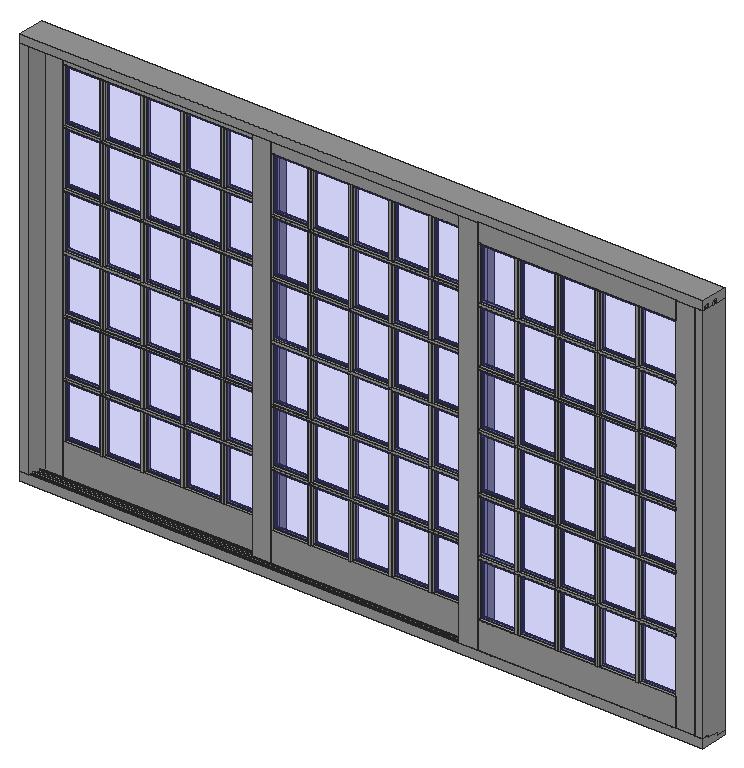
Revit family "VSD3.6SPTS LH", category Doors, host Wall, Revit 2015 (continued)
Automatic sketch dimensions
  Extrusion 89 sketch curve to Extrusion 89 sketch curve = 6.759 mm  (x6)
  Extrusion 89 sketch curve to Extrusion 89 sketch curve = 13 mm  (x5)
  level to Extrusion 89 sketch curve = 199 mm
  level to Extrusion 89 sketch curve = 45 mm
  plane 2 "Center (Left/Right)" to Sweep 90 sketch curve = 805.527 mm
  Sweep 90 sketch curve to Sweep 90 sketch curve = 197.86 mm
  Sweep 90 sketch curve to Sweep 90 sketch curve = 284 mm
  Sweep 90 sketch curve to profile plane = 0 mm
  Sweep 90 sketch curve to profile plane = 0.241 mm
  Sweep 90 sketch curve to Sweep 90 sketch curve = 6.759 mm
  Sweep 90 sketch curve to Sweep 90 sketch curve = 2 mm  (x2)
  Sweep 90 sketch curve to profile plane = 132.5 mm
  Sweep 90 sketch curve to Sweep 90 sketch curve = 6 mm
  plane 4 "Right" to Extrusion 91 sketch curve = 141 mm
  Extrusion 91 sketch curve to Extrusion 91 sketch curve = 0 mm  (x48)
  Extrusion 91 sketch curve to Extrusion 91 sketch curve = 197.893 mm  (x3)
  Extrusion 91 sketch curve to Extrusion 91 sketch curve = 13 mm  (x33)
  Extrusion 91 sketch curve to Extrusion 91 sketch curve = 197.85 mm  (x4)
  Extrusion 91 sketch curve to Extrusion 91 sketch curve = 13.01 mm  (x3)
  Extrusion 91 sketch curve to Extrusion 91 sketch curve = 197.86 mm  (x12)
  plane 5 to Extrusion 91 sketch curve = 141 mm  (x3)
  Extrusion 91 sketch curve to Extrusion 91 sketch curve = 0.012 mm  (x6)
  Extrusion 91 sketch curve to Extrusion 91 sketch curve = 284 mm  (x5)
  level to Extrusion 91 sketch curve = 190 mm  (x2)
  Extrusion 92 sketch curve to host wall = 15 mm  (x2)
  plane 4 "Right" to Extrusion 92 sketch curve = 329.893 mm
  Extrusion 92 sketch curve to Extrusion 92 sketch curve = 2 mm  (x20)
  Extrusion 92 sketch curve to Extrusion 92 sketch curve = 6.759 mm  (x8)
  Extrusion 92 sketch curve to Extrusion 92 sketch curve = 0.241 mm  (x12)
  Extrusion 92 sketch curve to Extrusion 92 sketch curve = 13 mm  (x6)
  Extrusion 92 sketch curve to Extrusion 92 sketch curve = 0 mm  (x6)
  Extrusion 92 sketch curve to host wall = 13 mm  (x2)
  Extrusion 92 sketch curve to Extrusion 92 sketch curve = 179.86 mm  (x3)
  host wall to Extrusion 92 sketch curve = 30 mm
  Extrusion 92 sketch curve to Extrusion 92 sketch curve = 30 mm  (x3)
  Extrusion 92 sketch curve to Extrusion 92 sketch curve = 1.197 mm  (x8)
  plane 4 "Right" to Sweep 93 sketch curve = 773.613 mm
  Sweep 93 sketch curve to Sweep 93 sketch curve = 197.86 mm
  plane 5 to Sweep 93 sketch curve = 141 mm
  Sweep 93 sketch curve to Sweep 93 sketch curve = 284 mm
  Sweep 93 sketch curve to profile plane = 0 mm
  Sweep 93 sketch curve to profile plane = 0.241 mm
  Sweep 93 sketch curve to Sweep 93 sketch curve = 6.759 mm
  Sweep 93 sketch curve to Sweep 93 sketch curve = 2 mm  (x2)
  Sweep 93 sketch curve to profile plane = 132.5 mm
  Sweep 93 sketch curve to Sweep 93 sketch curve = 6 mm
  plane 4 "Right" to Sweep 94 sketch curve = 562.753 mm
  Sweep 94 sketch curve to Sweep 94 sketch curve = 197.86 mm
  plane 5 to Sweep 94 sketch curve = 141 mm
  Sweep 94 sketch curve to Sweep 94 sketch curve = 284 mm
  Sweep 94 sketch curve to profile plane = 0 mm
  Sweep 94 sketch curve to profile plane = 0.241 mm
  Sweep 94 sketch curve to Sweep 94 sketch curve = 6.759 mm
  Sweep 94 sketch curve to Sweep 94 sketch curve = 2 mm  (x2)
  Sweep 94 sketch curve to profile plane = 132.5 mm
  Sweep 94 sketch curve to Sweep 94 sketch curve = 6 mm
  plane 4 "Right" to Sweep 95 sketch curve = 351.893 mm
  Sweep 95 sketch curve to Sweep 95 sketch curve = 197.86 mm
  plane 5 to Sweep 95 sketch curve = 141 mm
  Sweep 95 sketch curve to Sweep 95 sketch curve = 284 mm
  Sweep 95 sketch curve to profile plane = 0 mm
  Sweep 95 sketch curve to profile plane = 0.241 mm
  Sweep 95 sketch curve to Sweep 95 sketch curve = 6.759 mm
  Sweep 95 sketch curve to Sweep 95 sketch curve = 2 mm  (x2)
  Sweep 95 sketch curve to profile plane = 132.5 mm
  Sweep 95 sketch curve to Sweep 95 sketch curve = 6 mm
  plane 4 "Right" to Sweep 96 sketch curve = 141.033 mm
  Sweep 96 sketch curve to Sweep 96 sketch curve = 197.86 mm
  plane 5 to Sweep 96 sketch curve = 141 mm
  Sweep 96 sketch curve to Sweep 96 sketch curve = 284 mm
  Sweep 96 sketch curve to profile plane = 0 mm
  Sweep 96 sketch curve to profile plane = 0.241 mm
  Sweep 96 sketch curve to Sweep 96 sketch curve = 6.759 mm
  Sweep 96 sketch curve to Sweep 96 sketch curve = 2 mm  (x2)
  Sweep 96 sketch curve to profile plane = 132.5 mm
  Sweep 96 sketch curve to Sweep 96 sketch curve = 6 mm
  plane 2 "Center (Left/Right)" to Sweep 97 sketch curve = 805.527 mm
  Sweep 97 sketch curve to Sweep 97 sketch curve = 197.86 mm
  plane 5 to Sweep 97 sketch curve = 438 mm
  Sweep 97 sketch curve to Sweep 97 sketch curve = 284 mm
  Sweep 97 sketch curve to profile plane = 0 mm
  Sweep 97 sketch curve to profile plane = 0.241 mm
  Sweep 97 sketch curve to Sweep 97 sketch curve = 6.759 mm
  Sweep 97 sketch curve to Sweep 97 sketch curve = 2 mm  (x2)
  Sweep 97 sketch curve to profile plane = 132.5 mm
  Sweep 97 sketch curve to Sweep 97 sketch curve = 6 mm
  Extrusion 98 sketch curve to host wall = 15 mm  (x2)
  plane 4 "Right" to Extrusion 98 sketch curve = 329.893 mm
  Extrusion 98 sketch curve to Extrusion 98 sketch curve = 2 mm  (x20)
  Extrusion 98 sketch curve to Extrusion 98 sketch curve = 6.759 mm  (x8)
  Extrusion 98 sketch curve to Extrusion 98 sketch curve = 0.241 mm  (x12)
  Extrusion 98 sketch curve to Extrusion 98 sketch curve = 13 mm  (x6)
  Extrusion 98 sketch curve to Extrusion 98 sketch curve = 0 mm  (x6)
  Extrusion 98 sketch curve to host wall = 13 mm  (x2)
  Extrusion 98 sketch curve to Extrusion 98 sketch curve = 179.86 mm  (x3)
  host wall to Extrusion 98 sketch curve = 30 mm
  Extrusion 98 sketch curve to Extrusion 98 sketch curve = 30 mm  (x3)
  Extrusion 98 sketch curve to Extrusion 98 sketch curve = 1.197 mm  (x8)
  plane 4 "Right" to Sweep 99 sketch curve = 773.613 mm
  Sweep 99 sketch curve to Sweep 99 sketch curve = 197.86 mm
  plane 5 to Sweep 99 sketch curve = 438 mm
  Sweep 99 sketch curve to Sweep 99 sketch curve = 284 mm
  Sweep 99 sketch curve to profile plane = 0 mm
  Sweep 99 sketch curve to profile plane = 0.241 mm
  Sweep 99 sketch curve to Sweep 99 sketch curve = 6.759 mm
  Sweep 99 sketch curve to Sweep 99 sketch curve = 2 mm  (x2)
  Sweep 99 sketch curve to profile plane = 132.5 mm
  Sweep 99 sketch curve to Sweep 99 sketch curve = 6 mm
  plane 4 "Right" to Sweep 100 sketch curve = 562.753 mm
  Sweep 100 sketch curve to Sweep 100 sketch curve = 197.86 mm
  plane 5 to Sweep 100 sketch curve = 438 mm
  Sweep 100 sketch curve to Sweep 100 sketch curve = 284 mm
  Sweep 100 sketch curve to profile plane = 0 mm
  Sweep 100 sketch curve to profile plane = 0.241 mm
  Sweep 100 sketch curve to Sweep 100 sketch curve = 6.759 mm
  Sweep 100 sketch curve to Sweep 100 sketch curve = 2 mm  (x2)
  Sweep 100 sketch curve to profile plane = 132.5 mm
  Sweep 100 sketch curve to Sweep 100 sketch curve = 6 mm
  plane 4 "Right" to Sweep 101 sketch curve = 351.893 mm
  Sweep 101 sketch curve to Sweep 101 sketch curve = 197.86 mm
  plane 5 to Sweep 101 sketch curve = 438 mm
  Sweep 101 sketch curve to Sweep 101 sketch curve = 284 mm
  Sweep 101 sketch curve to profile plane = 0 mm
  Sweep 101 sketch curve to profile plane = 0.241 mm
  Sweep 101 sketch curve to Sweep 101 sketch curve = 6.759 mm
  Sweep 101 sketch curve to Sweep 101 sketch curve = 2 mm  (x2)
  Sweep 101 sketch curve to profile plane = 132.5 mm
  Sweep 101 sketch curve to Sweep 101 sketch curve = 6 mm
  plane 4 "Right" to Sweep 102 sketch curve = 141.033 mm
  Sweep 102 sketch curve to Sweep 102 sketch curve = 197.86 mm
  plane 5 to Sweep 102 sketch curve = 438 mm
  Sweep 102 sketch curve to Sweep 102 sketch curve = 284 mm
  Sweep 102 sketch curve to profile plane = 0 mm
  Sweep 102 sketch curve to profile plane = 0.241 mm
  Sweep 102 sketch curve to Sweep 102 sketch curve = 6.759 mm
  Sweep 102 sketch curve to Sweep 102 sketch curve = 2 mm  (x2)
  Sweep 102 sketch curve to profile plane = 132.5 mm
  Sweep 102 sketch curve to Sweep 102 sketch curve = 6 mm
  plane 2 "Center (Left/Right)" to Sweep 103 sketch curve = 805.527 mm
  Sweep 103 sketch curve to Sweep 103 sketch curve = 197.86 mm
  plane 5 to Sweep 103 sketch curve = 735 mm
  Sweep 103 sketch curve to Sweep 103 sketch curve = 284 mm
  Sweep 103 sketch curve to profile plane = 0 mm
  Sweep 103 sketch curve to profile plane = 0.241 mm
  Sweep 103 sketch curve to Sweep 103 sketch curve = 6.759 mm
  Sweep 103 sketch curve to Sweep 103 sketch curve = 2 mm  (x2)
  Sweep 103 sketch curve to profile plane = 132.5 mm
  Sweep 103 sketch curve to Sweep 103 sketch curve = 6 mm
  Extrusion 104 sketch curve to host wall = 15 mm  (x2)
  plane 4 "Right" to Extrusion 104 sketch curve = 329.893 mm
  Extrusion 104 sketch curve to Extrusion 104 sketch curve = 2 mm  (x20)
  Extrusion 104 sketch curve to Extrusion 104 sketch curve = 6.759 mm  (x8)
  Extrusion 104 sketch curve to Extrusion 104 sketch curve = 0.241 mm  (x12)
  Extrusion 104 sketch curve to Extrusion 104 sketch curve = 13 mm  (x6)
  Extrusion 104 sketch curve to Extrusion 104 sketch curve = 0 mm  (x6)
  Extrusion 104 sketch curve to host wall = 13 mm  (x2)
  Extrusion 104 sketch curve to Extrusion 104 sketch curve = 179.86 mm  (x3)
  host wall to Extrusion 104 sketch curve = 30 mm
  Extrusion 104 sketch curve to Extrusion 104 sketch curve = 30 mm  (x3)
  Extrusion 104 sketch curve to Extrusion 104 sketch curve = 1.197 mm  (x8)
  plane 4 "Right" to Sweep 105 sketch curve = 773.613 mm
  Sweep 105 sketch curve to Sweep 105 sketch curve = 197.86 mm
  plane 5 to Sweep 105 sketch curve = 735 mm
  Sweep 105 sketch curve to Sweep 105 sketch curve = 284 mm
  Sweep 105 sketch curve to profile plane = 0 mm
  Sweep 105 sketch curve to profile plane = 0.241 mm
  Sweep 105 sketch curve to Sweep 105 sketch curve = 6.759 mm
  Sweep 105 sketch curve to Sweep 105 sketch curve = 2 mm  (x2)
  Sweep 105 sketch curve to profile plane = 132.5 mm
  Sweep 105 sketch curve to Sweep 105 sketch curve = 6 mm
  plane 4 "Right" to Sweep 106 sketch curve = 562.753 mm
  Sweep 106 sketch curve to Sweep 106 sketch curve = 197.86 mm
  plane 5 to Sweep 106 sketch curve = 735 mm
  Sweep 106 sketch curve to Sweep 106 sketch curve = 284 mm
  Sweep 106 sketch curve to profile plane = 0 mm
  Sweep 106 sketch curve to profile plane = 0.241 mm
  Sweep 106 sketch curve to Sweep 106 sketch curve = 6.759 mm
  Sweep 106 sketch curve to Sweep 106 sketch curve = 2 mm  (x2)
  Sweep 106 sketch curve to profile plane = 132.5 mm
  Sweep 106 sketch curve to Sweep 106 sketch curve = 6 mm
  plane 4 "Right" to Sweep 107 sketch curve = 351.893 mm
  Sweep 107 sketch curve to Sweep 107 sketch curve = 197.86 mm
  plane 5 to Sweep 107 sketch curve = 735 mm
  Sweep 107 sketch curve to Sweep 107 sketch curve = 284 mm
  Sweep 107 sketch curve to profile plane = 0 mm
  Sweep 107 sketch curve to profile plane = 0.241 mm
  Sweep 107 sketch curve to Sweep 107 sketch curve = 6.759 mm
  Sweep 107 sketch curve to Sweep 107 sketch curve = 2 mm  (x2)
  Sweep 107 sketch curve to profile plane = 132.5 mm
  Sweep 107 sketch curve to Sweep 107 sketch curve = 6 mm
  plane 4 "Right" to Sweep 108 sketch curve = 141.033 mm
  Sweep 108 sketch curve to Sweep 108 sketch curve = 197.86 mm
  plane 5 to Sweep 108 sketch curve = 735 mm
  Sweep 108 sketch curve to Sweep 108 sketch curve = 284 mm
  Sweep 108 sketch curve to profile plane = 0 mm
  Sweep 108 sketch curve to profile plane = 0.241 mm
  Sweep 108 sketch curve to Sweep 108 sketch curve = 6.759 mm
  Sweep 108 sketch curve to Sweep 108 sketch curve = 2 mm  (x2)
  Sweep 108 sketch curve to profile plane = 132.5 mm
  Sweep 108 sketch curve to Sweep 108 sketch curve = 6 mm
  plane 2 "Center (Left/Right)" to Sweep 109 sketch curve = 805.527 mm
  Sweep 109 sketch curve to Sweep 109 sketch curve = 197.86 mm
  plane 5 to Sweep 109 sketch curve = 1032 mm
  Sweep 109 sketch curve to Sweep 109 sketch curve = 284 mm
  Sweep 109 sketch curve to profile plane = 0 mm
  Sweep 109 sketch curve to profile plane = 0.241 mm
  Sweep 109 sketch curve to Sweep 109 sketch curve = 6.759 mm
  Sweep 109 sketch curve to Sweep 109 sketch curve = 2 mm  (x2)
  Sweep 109 sketch curve to profile plane = 132.5 mm
  Sweep 109 sketch curve to Sweep 109 sketch curve = 6 mm
  Extrusion 110 sketch curve to host wall = 15 mm  (x2)
  plane 4 "Right" to Extrusion 110 sketch curve = 329.893 mm
  Extrusion 110 sketch curve to Extrusion 110 sketch curve = 2 mm  (x20)
  Extrusion 110 sketch curve to Extrusion 110 sketch curve = 6.759 mm  (x8)
  Extrusion 110 sketch curve to Extrusion 110 sketch curve = 0.241 mm  (x12)
  Extrusion 110 sketch curve to Extrusion 110 sketch curve = 13 mm  (x6)
  Extrusion 110 sketch curve to Extrusion 110 sketch curve = 0 mm  (x6)
  Extrusion 110 sketch curve to host wall = 13 mm  (x2)
  Extrusion 110 sketch curve to Extrusion 110 sketch curve = 179.86 mm  (x3)
  host wall to Extrusion 110 sketch curve = 30 mm
  Extrusion 110 sketch curve to Extrusion 110 sketch curve = 30 mm  (x3)
  Extrusion 110 sketch curve to Extrusion 110 sketch curve = 1.197 mm  (x8)
  plane 4 "Right" to Sweep 111 sketch curve = 773.613 mm
  Sweep 111 sketch curve to Sweep 111 sketch curve = 197.86 mm
  plane 5 to Sweep 111 sketch curve = 1032 mm
  Sweep 111 sketch curve to Sweep 111 sketch curve = 284 mm
  Sweep 111 sketch curve to profile plane = 0 mm
  Sweep 111 sketch curve to profile plane = 0.241 mm
  Sweep 111 sketch curve to Sweep 111 sketch curve = 6.759 mm
  Sweep 111 sketch curve to Sweep 111 sketch curve = 2 mm  (x2)
  Sweep 111 sketch curve to profile plane = 132.5 mm
  Sweep 111 sketch curve to Sweep 111 sketch curve = 6 mm
  plane 4 "Right" to Sweep 112 sketch curve = 562.753 mm
  Sweep 112 sketch curve to Sweep 112 sketch curve = 197.86 mm
  plane 5 to Sweep 112 sketch curve = 1032 mm
  Sweep 112 sketch curve to Sweep 112 sketch curve = 284 mm
  Sweep 112 sketch curve to profile plane = 0 mm
  Sweep 112 sketch curve to profile plane = 0.241 mm
  Sweep 112 sketch curve to Sweep 112 sketch curve = 6.759 mm
  Sweep 112 sketch curve to Sweep 112 sketch curve = 2 mm  (x2)
  Sweep 112 sketch curve to profile plane = 132.5 mm
  Sweep 112 sketch curve to Sweep 112 sketch curve = 6 mm
  plane 4 "Right" to Sweep 113 sketch curve = 351.893 mm
  Sweep 113 sketch curve to Sweep 113 sketch curve = 197.86 mm
  plane 5 to Sweep 113 sketch curve = 1032 mm
  Sweep 113 sketch curve to Sweep 113 sketch curve = 284 mm
  Sweep 113 sketch curve to profile plane = 0 mm
  Sweep 113 sketch curve to profile plane = 0.241 mm
  Sweep 113 sketch curve to Sweep 113 sketch curve = 6.759 mm
  Sweep 113 sketch curve to Sweep 113 sketch curve = 2 mm  (x2)
  Sweep 113 sketch curve to profile plane = 132.5 mm
  Sweep 113 sketch curve to Sweep 113 sketch curve = 6 mm
  plane 4 "Right" to Sweep 114 sketch curve = 141.033 mm
  Sweep 114 sketch curve to Sweep 114 sketch curve = 197.86 mm
  plane 5 to Sweep 114 sketch curve = 1032 mm
  Sweep 114 sketch curve to Sweep 114 sketch curve = 284 mm
  Sweep 114 sketch curve to profile plane = 0 mm
  Sweep 114 sketch curve to profile plane = 0.241 mm
  Sweep 114 sketch curve to Sweep 114 sketch curve = 6.759 mm
  Sweep 114 sketch curve to Sweep 114 sketch curve = 2 mm  (x2)
  Sweep 114 sketch curve to profile plane = 132.5 mm
  Sweep 114 sketch curve to Sweep 114 sketch curve = 6 mm
  plane 2 "Center (Left/Right)" to Sweep 115 sketch curve = 805.527 mm
  Sweep 115 sketch curve to Sweep 115 sketch curve = 197.86 mm
  level to Sweep 115 sketch curve = 771 mm
  Sweep 115 sketch curve to Sweep 115 sketch curve = 284 mm
  Sweep 115 sketch curve to profile plane = 0 mm
  Sweep 115 sketch curve to profile plane = 0.241 mm
  Sweep 115 sketch curve to Sweep 115 sketch curve = 6.759 mm
  Sweep 115 sketch curve to Sweep 115 sketch curve = 2 mm  (x2)
  Sweep 115 sketch curve to profile plane = 132.5 mm
  Sweep 115 sketch curve to Sweep 115 sketch curve = 6 mm
  Extrusion 116 sketch curve to host wall = 15 mm  (x2)
  plane 4 "Right" to Extrusion 116 sketch curve = 329.893 mm
  Extrusion 116 sketch curve to Extrusion 116 sketch curve = 2 mm  (x20)
  Extrusion 116 sketch curve to Extrusion 116 sketch curve = 6.759 mm  (x8)
  Extrusion 116 sketch curve to Extrusion 116 sketch curve = 0.241 mm  (x12)
  Extrusion 116 sketch curve to Extrusion 116 sketch curve = 13 mm  (x6)
  Extrusion 116 sketch curve to Extrusion 116 sketch curve = 0 mm  (x6)
  Extrusion 116 sketch curve to host wall = 13 mm  (x2)
  Extrusion 116 sketch curve to Extrusion 116 sketch curve = 179.86 mm  (x3)
  host wall to Extrusion 116 sketch curve = 30 mm
  Extrusion 116 sketch curve to Extrusion 116 sketch curve = 30 mm  (x3)
  Extrusion 116 sketch curve to Extrusion 116 sketch curve = 1.197 mm  (x8)
  plane 4 "Right" to Sweep 117 sketch curve = 773.613 mm
  Sweep 117 sketch curve to Sweep 117 sketch curve = 197.86 mm
  level to Sweep 117 sketch curve = 771 mm
  Sweep 117 sketch curve to Sweep 117 sketch curve = 284 mm
  Sweep 117 sketch curve to profile plane = 0 mm
  Sweep 117 sketch curve to profile plane = 0.241 mm
  Sweep 117 sketch curve to Sweep 117 sketch curve = 6.759 mm
  Sweep 117 sketch curve to Sweep 117 sketch curve = 2 mm  (x2)
  Sweep 117 sketch curve to profile plane = 132.5 mm
  Sweep 117 sketch curve to Sweep 117 sketch curve = 6 mm
  plane 4 "Right" to Sweep 118 sketch curve = 562.753 mm
  Sweep 118 sketch curve to Sweep 118 sketch curve = 197.86 mm
  level to Sweep 118 sketch curve = 771 mm
  Sweep 118 sketch curve to Sweep 118 sketch curve = 284 mm
  Sweep 118 sketch curve to profile plane = 0 mm
  Sweep 118 sketch curve to profile plane = 0.241 mm
  Sweep 118 sketch curve to Sweep 118 sketch curve = 6.759 mm
  Sweep 118 sketch curve to Sweep 118 sketch curve = 2 mm  (x2)
  Sweep 118 sketch curve to profile plane = 132.5 mm
  Sweep 118 sketch curve to Sweep 118 sketch curve = 6 mm
  plane 4 "Right" to Sweep 119 sketch curve = 351.893 mm
  Sweep 119 sketch curve to Sweep 119 sketch curve = 197.86 mm
  level to Sweep 119 sketch curve = 771 mm
  Sweep 119 sketch curve to Sweep 119 sketch curve = 284 mm
  Sweep 119 sketch curve to profile plane = 0 mm
  Sweep 119 sketch curve to profile plane = 0.241 mm
  Sweep 119 sketch curve to Sweep 119 sketch curve = 6.759 mm
  Sweep 119 sketch curve to Sweep 119 sketch curve = 2 mm  (x2)
  Sweep 119 sketch curve to profile plane = 132.5 mm
  Sweep 119 sketch curve to Sweep 119 sketch curve = 6 mm
  plane 4 "Right" to Sweep 120 sketch curve = 141.033 mm
  Sweep 120 sketch curve to Sweep 120 sketch curve = 197.86 mm
  level to Sweep 120 sketch curve = 771 mm
  Sweep 120 sketch curve to Sweep 120 sketch curve = 284 mm
  Sweep 120 sketch curve to profile plane = 0 mm
  Sweep 120 sketch curve to profile plane = 0.241 mm
  Sweep 120 sketch curve to Sweep 120 sketch curve = 6.759 mm
  Sweep 120 sketch curve to Sweep 120 sketch curve = 2 mm  (x2)
  Sweep 120 sketch curve to profile plane = 132.5 mm
  Sweep 120 sketch curve to Sweep 120 sketch curve = 6 mm
  level to Sweep 121 sketch curve = 190 mm
  plane 2 "Center (Left/Right)" to Sweep 121 sketch curve = 805.527 mm
  Sweep 121 sketch curve to Sweep 121 sketch curve = 197.86 mm
  Sweep 121 sketch curve to Sweep 121 sketch curve = 284 mm
  Sweep 121 sketch curve to profile plane = 0 mm
  Sweep 121 sketch curve to profile plane = 0.241 mm
  Sweep 121 sketch curve to Sweep 121 sketch curve = 6.759 mm
  Sweep 121 sketch curve to Sweep 121 sketch curve = 2 mm  (x2)
  Sweep 121 sketch curve to profile plane = 132.5 mm
  Sweep 121 sketch curve to Sweep 121 sketch curve = 6 mm
  Extrusion 122 sketch curve to host wall = 15 mm  (x2)
  plane 4 "Right" to Extrusion 122 sketch curve = 329.893 mm
  Extrusion 122 sketch curve to Extrusion 122 sketch curve = 2 mm  (x20)
  Extrusion 122 sketch curve to Extrusion 122 sketch curve = 6.759 mm  (x8)
  Extrusion 122 sketch curve to Extrusion 122 sketch curve = 0.241 mm  (x12)
  Extrusion 122 sketch curve to Extrusion 122 sketch curve = 13 mm  (x6)
  Extrusion 122 sketch curve to Extrusion 122 sketch curve = 0 mm  (x6)
  Extrusion 122 sketch curve to host wall = 13 mm  (x2)
  Extrusion 122 sketch curve to Extrusion 122 sketch curve = 179.86 mm  (x3)
  host wall to Extrusion 122 sketch curve = 30 mm
  Extrusion 122 sketch curve to Extrusion 122 sketch curve = 30 mm  (x3)
  Extrusion 122 sketch curve to Extrusion 122 sketch curve = 1.197 mm  (x8)
  level to Sweep 123 sketch curve = 190 mm
  plane 4 "Right" to Sweep 123 sketch curve = 773.613 mm
  Sweep 123 sketch curve to Sweep 123 sketch curve = 197.86 mm
  Sweep 123 sketch curve to Sweep 123 sketch curve = 284 mm
  Sweep 123 sketch curve to profile plane = 0 mm
  Sweep 123 sketch curve to profile plane = 0.241 mm
  Sweep 123 sketch curve to Sweep 123 sketch curve = 6.759 mm
  Sweep 123 sketch curve to Sweep 123 sketch curve = 2 mm  (x2)
  Sweep 123 sketch curve to profile plane = 132.5 mm
  Sweep 123 sketch curve to Sweep 123 sketch curve = 6 mm
  level to Sweep 124 sketch curve = 190 mm
  plane 4 "Right" to Sweep 124 sketch curve = 562.753 mm
  Sweep 124 sketch curve to Sweep 124 sketch curve = 197.86 mm
  Sweep 124 sketch curve to Sweep 124 sketch curve = 284 mm
  Sweep 124 sketch curve to profile plane = 0 mm
  Sweep 124 sketch curve to profile plane = 0.241 mm
  Sweep 124 sketch curve to Sweep 124 sketch curve = 6.759 mm
  Sweep 124 sketch curve to Sweep 124 sketch curve = 2 mm  (x2)
  Sweep 124 sketch curve to profile plane = 132.5 mm
  Sweep 124 sketch curve to Sweep 124 sketch curve = 6 mm
  plane 4 "Right" to Sweep 125 sketch curve = 351.893 mm
  Sweep 125 sketch curve to Sweep 125 sketch curve = 197.86 mm
  level to Sweep 125 sketch curve = 474 mm
  level to Sweep 125 sketch curve = 190 mm
  Sweep 125 sketch curve to profile plane = 0 mm
  Sweep 125 sketch curve to profile plane = 0.241 mm
  Sweep 125 sketch curve to Sweep 125 sketch curve = 6.759 mm
  Sweep 125 sketch curve to Sweep 125 sketch curve = 2 mm  (x2)
  Sweep 125 sketch curve to profile plane = 132.5 mm
  Sweep 125 sketch curve to Sweep 125 sketch curve = 6 mm
  plane 4 "Right" to Sweep 126 sketch curve = 141.033 mm
  Sweep 126 sketch curve to Sweep 126 sketch curve = 197.86 mm
  level to Sweep 126 sketch curve = 474 mm
  level to Sweep 126 sketch curve = 190 mm
  Sweep 126 sketch curve to profile plane = 0 mm
  Sweep 126 sketch curve to profile plane = 0.241 mm
  Sweep 126 sketch curve to Sweep 126 sketch curve = 6.759 mm
  Sweep 126 sketch curve to Sweep 126 sketch curve = 2 mm  (x2)
  Sweep 126 sketch curve to profile plane = 132.5 mm
  Sweep 126 sketch curve to Sweep 126 sketch curve = 6 mm
